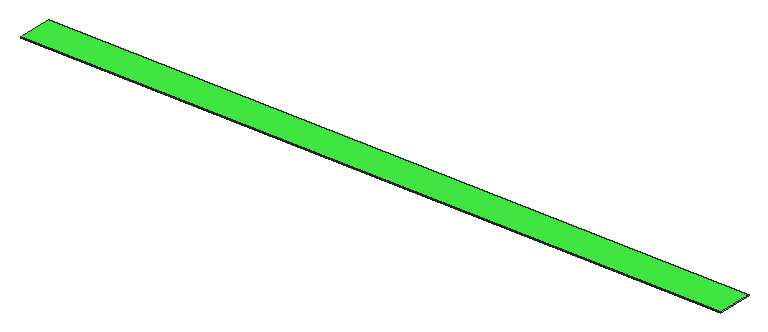
Revit family "Gen-3D Grid Line Dash", category Generic Models, Revit 2017
Family settings
  Can host rebar = No
  Round Connector Dimension = Use Diameter
  Part Type = Normal
  Work Plane-Based = No
  Always vertical = Yes
  Cut with Voids When Loaded = No
  Shared = No
  Room Calculation Point = No
Parameters
  Dash Width = 1560 mm
  Dash Depth = Dash Width * 1 / 20  # 78 mm
Reference planes
  plane 1 "Center (Front/Back)": y = 0
  plane 2: z = 0
  plane 3 "Center (Left/Right)": x = 0
Forms (mm)
  Extrusion 1, solid, material "Grid Green"
    sketch origin (0, 0, 0) x (1, 0, 0) y (0, 1, 0)
      loop
        line (-780, 39) -> (-780, -39) -> (780, -39) -> (780, 39) -> (-780, 39)
    from 0 to 2
Dimensions and locks
  equal spacing: Extrusion 1 sketch curve, plane 3 "Center (Left/Right)", Extrusion 1 sketch curve
  equal spacing: Extrusion 1 sketch curve, plane 1 "Center (Front/Back)", Extrusion 1 sketch curve
  "Dash Depth": Extrusion 1 sketch curve to Extrusion 1 sketch curve
  "Dash Width": Extrusion 1 sketch curve to Extrusion 1 sketch curve
  aligned and locked: level to plane 2
